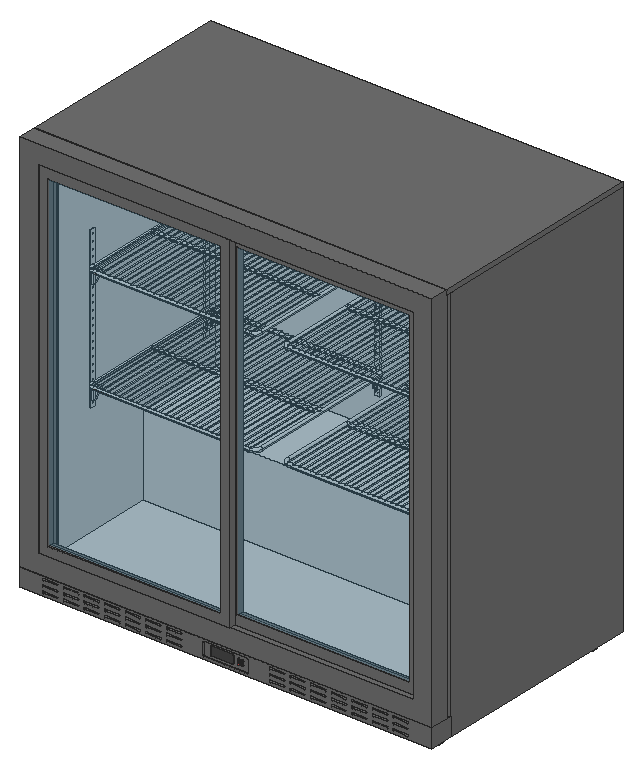
Revit family "QF_KOLDBOX_KBC2SL_240315014300", category Specialty Equipment, Revit 2021
Family settings
  Round Connector Dimension = Use Diameter
  Part Type = Normal
  OmniClass Number = 23.40.40.14
  OmniClass Title = Food Service Equipment
  Work Plane-Based = No
  Always vertical = Yes
  Cut with Voids When Loaded = No
  Shared = No
  Room Calculation Point = No
Parameters (values of type "KBC2SL")
  Weight [instance] = 72.9998 kg
  Warranty Start Date [instance] = ""
  Warranty Duration [instance] = ""
  Volts [instance] = 230 V
  Volt Free Conn [instance] = no
  URL Recommended Spares List [instance] = ""
  URL Manufacturer [instance] = ""
  URL Cutsheet [instance] = ""
  URL Critical Spares List [instance] = ""
  URL = "www.koldbox.com"
  Treated Water Size = 0 mm
  Treated Water Recommended Temperature = 0 °C
  Treated Water RI Height [instance] = 0 mm
  Treated Water Minimum Pressure = 0.0 Pa
  Treated Water Maximum Pressure = 0.0 Pa
  Treated Water Flow = 0.0 L/s
  Treated Water Consumption = ""
  Treated Water Connection Height [instance] = 0 mm
  Technical Documentation [instance] = ""
  Tag Number [instance] = ""
  Status [instance] = ""
  Start Up Current [instance] = 0 A
  Specification by User [instance] = ""
  Specification by Manufacturer [instance] = ""
  Sound Level [instance] = ""
  Show Logo [instance] = yes
  Show Clearances [instance] = yes
  Service Life Duration [instance] = ""
  Serial Number [instance] = ""
  Sensitive Heat Output = 0 W
  Seismic Rating [instance] = ""
  SMACNA No [instance] = ""
  Revision Code [instance] = ""
  Revision [instance] = ""
  Refrigeration Suction Line Size = 0 mm
  Refrigeration Liquid Line Size = 0 mm
  Production Year [instance] = ""
  Potential Equalisation [instance] = no
  Point Load [instance] = 0
  Plumbing Remarks [instance] = ""
  Phase [instance] = 1
  Other Equipment Approvals [instance] = ""
  Operational Current [instance] = 0 A
  Odor Trap Included = no
  Number of Poles [instance] = 2
  No Load Power Draw [instance] = no
  National Water Regulation Certification = no
  NAFEM Spec ID Number [instance] = ""
  Model Warning [instance] = ""
  Model = "KBC2SL"
  Min Ckt Ampacity [instance] = 0 A
  Mechanical Remarks [instance] = ""
  Mechanical Connection Type [instance] = ""
  Max Overcurrent Protection [instance] = 10 A
  Masterspec [instance] = ""
  Manufacturer = "KOLDBOX"
  Main switch integrated [instance] = no
  Length Actual [instance] = 899.922 mm
  Latent Heat Output = 0 W
  Item Number [instance] = ""
  Installed By [instance] = ""
  Installation Date [instance] = ""
  Identify Quantity as Lot [instance] = no
  ID [instance] = ""
  Hygiene Approval [instance] = ""
  Hot Water Consumption = 0.0 L/s
  Height Actual [instance] = 899.998 mm
  HP power [instance] = ""
  Gas power kW = 0
  Furnished By [instance] = ""
  Foodservice Equipment Identifier [instance] = no
  Filtered Water Supply Size = 0 mm
  Filtered Water RI Height [instance] = 0 mm
  Filtered Water Quality = ""
  Filtered Water Minimum Pressure = 0.0 Pa
  Filtered Water Maximum Pressure = 0.0 Pa
  Filtered Water Flow = 0.0 L/s
  Filtered Water Connection Height [instance] = 0 mm
  FL Amps [instance] = 4.39 A
  Energy Efficiency Labelling = ""
  Electrical Remarks [instance] = ""
  Electric power [instance] = 1011 W
  Electric Connection Type [instance] = ""
  Elec Conn RI Height [instance] = 0 mm
  Elec Conn Connection Height [instance] = 0 mm
  ETL Approved [instance] = no
  Direct Heat Output = 0 W
  Description = "KOLDBOX SLIDING DOUBLE DOOR BACK BAR COOLER"
  Depth Actual [instance] = 519.989 mm
  Default Elevation = 0 mm
  Cycle [instance] = 50 Hz
  Cost = 696
  Connection to energy optimisation system [instance] = yes
  Conn Plug [instance] = ""
  Conn Conduit [instance] = no
  Cold Water Consumption = 0.0 L/s
  Centralized building control system with digital interface [instance] = ""
  CSI MasterFormat [instance] = ""
  CE Approved [instance] = no
  Barcode [instance] = 0
  Author [instance] = ""
  Asset Identifier [instance] = ""
  Apparent Power [instance] = 1011 VA
  Accessory [instance] = no
Reference planes
  plane 1 "Center (Front/Back)": y = 0
  plane 2: z = 0
  plane 3 "Center (Left/Right)": x = 0
Forms (mm)
  Extrusion 1, solid, not visible
    sketch origin (100.005, -2, 100.005) x (1, 0, 0) y (0, 1, 0)
      loop
        line (-2, 2) -> (-2, -2) -> (2, -2) -> (2, 2) -> (-2, 2)
    from -2 to 2
Dimensions and locks
  locked: Extrusion 1 to nested 2
  locked: nested 2 to Extrusion 1 at 2
  aligned and locked: level to plane 2
Nested families
  nested 1: "QF_KOLDBOX_KBC2SL_2861" at (0, 0, 0), type "KBC2SL"
    with Weight 2348.70 kg, Warranty Start Date "", Warranty Duration "", URL Cutsheet "", Technical Documentation "", Tag Number "", Status "", Specification by User "", Specification by Manufacturer "", Sound Level "", Solid Fuel Type "", Show Logo yes, Show Clearances yes, Service Life Duration "", Serial Number "", Seismic Rating "", SMACNA No "", Revision Code "", Revision "", Production Year "", Point Load 0, Other Equipment Approvals "", NAFEM Spec ID Number "", Model Warning "", Masterspec "", Length Actual 899.922 mm, Item Number "", Installed By "", Installation Date "", Identify Quantity as Lot yes, ID "", Hygiene Approval "", Height Actual 899.998 mm, Furnished By "", Foodservice Equipment Identifier yes, ETL Approved yes, Depth Actual 519.989 mm, CSI MasterFormat "", CE Approved yes, Barcode "", Author "", Asset Identifier "", Accessory no
  nested 2: "CONN_POINT_ELE_2D___Generic_Annotation" at (100.005, 0, 100.005), type "CONN_POINT_ELE_2D___Generic_Annotation"
    with Onboard connection annotation symbol visibility yes
Connectors
  electrical at (100.005, 0, 100.005), driven by "Apparent Power", driven by "Number of Poles", driven by "Volts"
    settings: on Extrusion 1, index 1, voltage 230 V, apparent load 0 VA, apparent load phase1 1011 VA, apparent load phase2 0 VA, apparent load phase3 0 VA, power factor 1, load classification "Other", number of poles 2, system type 31, power factor state 1, is connector primary yes, connector utility no, sub classification motor no, connector description "Electrical connection for KBC2SL"
Definition of nested family "QF_KOLDBOX_KBC2SL_2861"
  Parameters (values of type "KBC2SL")
    Weight [instance] = 0.00 kg
    Warranty Start Date [instance] = ""
    Warranty Duration [instance] = ""
    URL Cutsheet [instance] = ""
    URL = "www.koldbox.com"
    Technical Documentation [instance] = ""
    Tag Number [instance] = ""
    Status [instance] = ""
    Specification by User [instance] = ""
    Specification by Manufacturer [instance] = ""
    Sound Level [instance] = ""
    Solid Fuel Type [instance] = ""
    Show Logo [instance] = yes
    Show Clearances [instance] = yes
    Service Life Duration [instance] = ""
    Serial Number [instance] = ""
    Seismic Rating [instance] = ""
    SMACNA No [instance] = ""
    Revision Code [instance] = ""
    Revision [instance] = ""
    Production Year [instance] = ""
    Point Load [instance] = 0
    Other Equipment Approvals [instance] = ""
    NAFEM Spec ID Number [instance] = ""
    Model Warning [instance] = ""
    Model = "KBC2SL"
    Masterspec [instance] = ""
    Manufacturer = "KOLDBOX"
    Length Actual [instance] = 0 mm
    Item Number [instance] = ""
    Installed By [instance] = ""
    Installation Date [instance] = ""
    Identify Quantity as Lot [instance] = yes
    ID [instance] = ""
    Hygiene Approval [instance] = ""
    Height Actual [instance] = 0 mm
    Furnished By [instance] = ""
    Foodservice Equipment Identifier [instance] = yes
    ETL Approved [instance] = yes
    Description = "KOLDBOX SLIDING DOUBLE DOOR BACK BAR COOLER"
    Depth Actual [instance] = 0 mm
    Default Elevation = 0 mm
    CSI MasterFormat [instance] = ""
    CE Approved [instance] = yes
    Barcode [instance] = ""
    Author [instance] = ""
    Asset Identifier [instance] = ""
    Assembly Code = "E1090320"
    Accessory [instance] = yes
  Reference planes
    plane 1 "Back": y = 0
    plane 2: z = 0
    plane 3 "Left": x = 0
    plane 4 "Right": x = 900
    plane 5 "Front": y = -520
    plane 6 "Top": z = 900
  Forms (mm)
    Extrusion 1, solid
      sketch origin (0, 60, 10) x (1, 0, 0) y (0, 0, 1)
        loop
          line (0, 880) -> (0, 10) -> (900, 10) -> (900, 880) -> (0, 880)
        loop
          line (40, 850) -> (40, 67.5) -> (860, 67.5) -> (860, 850) -> (40, 850)
      from 60 to 530
    Extrusion 2, solid
      sketch origin (0, 0, 70) x (0, 1, 0) y (0, 0, 1)
        loop
          line (0, 830) -> (-480, 830) -> (-480, 820) -> (0, 820) -> (0, 830)
      from 0 to 900
    Revolve 3, solid
      sketch origin (0, -50, 0) x (1, 0, 0) y (0, 0, -1)
        loop
          line (50, -20) -> (50, -15) -> (60, -15) -> (60, 0) -> (40, 0) -> (40, -20) -> (50, -20)
        axis (40, 0) -> (40, -20)
      angle from 0 to 360
    Revolve 4, solid
      sketch origin (0, -470, 0) x (1, 0, 0) y (0, 0, 1)
        loop
          line (50, 20) -> (40, 20) -> (40, 0) -> (60, 0) -> (60, 15) -> (50, 15) -> (50, 20)
        axis (40, 0) -> (40, 20)
      angle from 0 to 360
    Extrusion 5, solid
      sketch origin (0, 0, 0) x (1, 0, 0) y (0, 0, 1)
        loop
          line (40, 860) -> (40, 60) -> (860, 60) -> (860, 860) -> (40, 860)
      from 0 to 40
    Extrusion 6, solid
      sketch origin (40, 0, 0) x (0, 1, 0) y (0, 0, 1)
        loop
          line (-470, 860) -> (-470, 855) -> (-45, 855) -> (-45, 260) -> (-240, 260) -> (-240, 82.5) -> (-470, 82.5) -> (-470, 77.5) -> (-40, 77.5) -> (-40, 860) -> (-470, 860)
      from 0 to 820
    Extrusion 7, solid
      sketch origin (855, 0, 0) x (0, 1, 0) y (0, 0, 1)
        loop
          line (-470, 855) -> (-470, 82.5) -> (-240, 82.5) -> (-240, 260) -> (-45, 260) -> (-45, 855) -> (-470, 855)
      from 0 to 5
    Extrusion 8, solid
      sketch origin (40, 0, 0) x (0, 1, 0) y (0, 0, 1)
        loop
          line (-470, 855) -> (-470, 82.5) -> (-240, 82.5) -> (-240, 260) -> (-45, 260) -> (-45, 855) -> (-470, 855)
      from 0 to 5
    Extrusion 9, solid
      sketch origin (445, -490, 0) x (-1, 0, 0) y (0, 0, -1)
        loop
          line (-455, -900) -> (445, -900) -> (445, -60) -> (-455, -60) -> (-455, -900)
        loop
          line (405, -100) -> (-415, -100) -> (-415, -860) -> (405, -860) -> (405, -100)
      from -10 to 30
    Extrusion 10, solid
      sketch origin (445, -505, 0) x (-1, 0, 0) y (0, 0, -1)
        loop
          line (-13, -860) -> (405, -860) -> (405, -100) -> (-13, -100) -> (-13, -860)
        loop
          line (7, -840) -> (385, -840) -> (385, -120) -> (7, -120) -> (7, -840)
      from 0 to 15
    Extrusion 11, solid
      sketch origin (445, -512, 0) x (-1, 0, 0) y (0, 0, -1)
        loop
          line (7, -840) -> (385, -840) -> (385, -120) -> (7, -120) -> (7, -840)
      from 0 to 5
    Extrusion 12, solid
      sketch origin (405, -480, 0) x (-1, 0, 0) y (0, 0, -1)
        loop
          line (-480, -75) -> (-480, -885) -> (390, -885) -> (390, -75) -> (-480, -75)
        loop
          line (-470, -85) -> (-470, -875) -> (380, -875) -> (380, -85) -> (-470, -85)
      from -10 to 0
    Extrusion 13, solid
      sketch origin (847, -490, 0) x (-1, 0, 0) y (0, 0, -1)
        loop
          line (-13, -860) -> (405, -860) -> (405, -100) -> (-13, -100) -> (-13, -860)
        loop
          line (7, -840) -> (385, -840) -> (385, -120) -> (7, -120) -> (7, -840)
      from 0 to 15
    Extrusion 14, solid
      sketch origin (847, -497, 0) x (-1, 0, 0) y (0, 0, -1)
        loop
          line (7, -840) -> (385, -840) -> (385, -120) -> (7, -120) -> (7, -840)
      from 0 to 5
    Revolve 15, solid
      sketch origin (900, -50, 0) x (-1, 0, 0) y (0, 0, 1)
        loop
          line (50, 20) -> (40, 20) -> (40, 0) -> (60, 0) -> (60, 15) -> (50, 15) -> (50, 20)
        axis (40, 0) -> (40, 20)
      angle from 0 to 360
    Revolve 16, solid
      sketch origin (900, -470, 0) x (-1, 0, 0) y (0, 0, -1)
        loop
          line (50, -20) -> (50, -15) -> (60, -15) -> (60, 0) -> (40, 0) -> (40, -20) -> (50, -20)
        axis (40, 0) -> (40, -20)
      angle from 0 to 360
    Sweep 17, solid
      path origin (49.141, -109.803, 607.382) x (1, 0, 0) y (0, 1, 0)
        loop
          arc (17.859, 55.803) -> (9.373, 52.288) -> (5.859, 43.803) r 12
          line (5.859, 43.803) -> (5.859, -278.83)
          arc (5.859, -278.83) -> (9.373, -287.316) -> (17.859, -290.83) r 12
          line (17.859, -290.83) -> (358.859, -290.83)
          arc (358.859, -290.83) -> (367.344, -287.316) -> (370.859, -278.83) r 12
          line (370.859, -278.83) -> (370.859, 43.803)
          arc (370.859, 43.803) -> (367.344, 52.288) -> (358.859, 55.803) r 12
          line (358.859, 55.803) -> (17.859, 55.803)
      profile origin (237.5, -54, 607.382) x (0, 1, 0) y (0, 0, 1)
        loop
          circle (0, 0) r 3.5
    Extrusion 18, solid
      sketch origin (47, -109.803, 607.382) x (1, 0, 0) y (0, 0, 1)
        loop
          circle (13.5, 4.5) r 1
        loop
          circle (26, 4.5) r 1
        loop
          circle (38.5, 4.5) r 1
        loop
          circle (51, 4.5) r 1
        loop
          circle (63.5, 4.5) r 1
        loop
          circle (76, 4.5) r 1
        loop
          circle (88.5, 4.5) r 1
        loop
          circle (101, 4.5) r 1
        loop
          circle (113.5, 4.5) r 1
        loop
          circle (126, 4.5) r 1
        loop
          circle (138.5, 4.5) r 1
        loop
          circle (151, 4.5) r 1
        loop
          circle (163.5, 4.5) r 1
        loop
          circle (176, 4.5) r 1
        loop
          circle (188.5, 4.5) r 1
        loop
          circle (201, 4.5) r 1
        loop
          circle (213.5, 4.5) r 1
        loop
          circle (226, 4.5) r 1
        loop
          circle (238.5, 4.5) r 1
        loop
          circle (251, 4.5) r 1
        loop
          circle (263.5, 4.5) r 1
        loop
          circle (276, 4.5) r 1
        loop
          circle (288.5, 4.5) r 1
        loop
          circle (301, 4.5) r 1
        loop
          circle (313.5, 4.5) r 1
        loop
          circle (326, 4.5) r 1
        loop
          circle (338.5, 4.5) r 1
        loop
          circle (351, 4.5) r 1
        loop
          circle (363.5, 4.5) r 1
      from -55.803 to 290.83
    Extrusion 19, solid
      sketch origin (55, -15.816, 607.382) x (0, 1, 0) y (0, 0, 1)
        loop
          circle (-211.5, 0) r 3.5
      from 0 to 365
    Extrusion 20, solid
      sketch origin (1663.773, -1334.75, -239.071) x (1, 0, 0) y (0, 0, 1)
        loop
          line (-1608.773, 812.071) -> (-1593.825, 844.071) -> (-1608.773, 844.071) -> (-1608.773, 812.071)
      from -1264.75 to -1262.75
    Sweep 21, solid
      path origin (49.141, -109.803, 379.382) x (1, 0, 0) y (0, 1, 0)
        loop
          arc (17.859, 55.803) -> (9.373, 52.288) -> (5.859, 43.803) r 12
          line (5.859, 43.803) -> (5.859, -278.83)
          arc (5.859, -278.83) -> (9.373, -287.316) -> (17.859, -290.83) r 12
          line (17.859, -290.83) -> (358.859, -290.83)
          arc (358.859, -290.83) -> (367.344, -287.316) -> (370.859, -278.83) r 12
          line (370.859, -278.83) -> (370.859, 43.803)
          arc (370.859, 43.803) -> (367.344, 52.288) -> (358.859, 55.803) r 12
          line (358.859, 55.803) -> (17.859, 55.803)
      profile origin (237.5, -54, 379.382) x (0, 1, 0) y (0, 0, 1)
        loop
          circle (0, 0) r 3.5
    Extrusion 22, solid
      sketch origin (55, -15.816, 379.382) x (0, 1, 0) y (0, 0, 1)
        loop
          circle (-211.5, 0) r 3.5
      from 0 to 365
    Extrusion 23, solid
      sketch origin (47, -109.803, 379.382) x (1, 0, 0) y (0, 0, 1)
        loop
          circle (13.5, 4.5) r 1
        loop
          circle (26, 4.5) r 1
        loop
          circle (38.5, 4.5) r 1
        loop
          circle (51, 4.5) r 1
        loop
          circle (63.5, 4.5) r 1
        loop
          circle (76, 4.5) r 1
        loop
          circle (88.5, 4.5) r 1
        loop
          circle (101, 4.5) r 1
        loop
          circle (113.5, 4.5) r 1
        loop
          circle (126, 4.5) r 1
        loop
          circle (138.5, 4.5) r 1
        loop
          circle (151, 4.5) r 1
        loop
          circle (163.5, 4.5) r 1
        loop
          circle (176, 4.5) r 1
        loop
          circle (188.5, 4.5) r 1
        loop
          circle (201, 4.5) r 1
        loop
          circle (213.5, 4.5) r 1
        loop
          circle (226, 4.5) r 1
        loop
          circle (238.5, 4.5) r 1
        loop
          circle (251, 4.5) r 1
        loop
          circle (263.5, 4.5) r 1
        loop
          circle (276, 4.5) r 1
        loop
          circle (288.5, 4.5) r 1
        loop
          circle (301, 4.5) r 1
        loop
          circle (313.5, 4.5) r 1
        loop
          circle (326, 4.5) r 1
        loop
          circle (338.5, 4.5) r 1
        loop
          circle (351, 4.5) r 1
        loop
          circle (363.5, 4.5) r 1
      from -55.803 to 290.83
    Extrusion 24, solid
      sketch origin (45, 4, -0.606) x (0, 1, 0) y (0, 0, 1)
        loop
          line (-70, 678) -> (-80, 678) -> (-80, 330) -> (-70, 330) -> (-70, 678)
        loop
          line (-77, 336.989) -> (-73, 336.989) -> (-73, 340.989) -> (-77, 340.989) -> (-77, 336.989)
        loop
          line (-77, 351.989) -> (-73, 351.989) -> (-73, 355.989) -> (-77, 355.989) -> (-77, 351.989)
        loop
          line (-77, 366.989) -> (-73, 366.989) -> (-73, 370.989) -> (-77, 370.989) -> (-77, 366.989)
        loop
          line (-77, 381.989) -> (-73, 381.989) -> (-73, 385.989) -> (-77, 385.989) -> (-77, 381.989)
        loop
          line (-77, 396.989) -> (-73, 396.989) -> (-73, 400.989) -> (-77, 400.989) -> (-77, 396.989)
        loop
          line (-77, 411.989) -> (-73, 411.989) -> (-73, 415.989) -> (-77, 415.989) -> (-77, 411.989)
        loop
          line (-77, 426.989) -> (-73, 426.989) -> (-73, 430.989) -> (-77, 430.989) -> (-77, 426.989)
        loop
          line (-77, 441.989) -> (-73, 441.989) -> (-73, 445.989) -> (-77, 445.989) -> (-77, 441.989)
        loop
          line (-77, 456.989) -> (-73, 456.989) -> (-73, 460.989) -> (-77, 460.989) -> (-77, 456.989)
        loop
          line (-77, 471.989) -> (-73, 471.989) -> (-73, 475.989) -> (-77, 475.989) -> (-77, 471.989)
        loop
          line (-77, 486.989) -> (-73, 486.989) -> (-73, 490.989) -> (-77, 490.989) -> (-77, 486.989)
        loop
          line (-77, 501.989) -> (-73, 501.989) -> (-73, 505.989) -> (-77, 505.989) -> (-77, 501.989)
        loop
          line (-77, 516.989) -> (-73, 516.989) -> (-73, 520.989) -> (-77, 520.989) -> (-77, 516.989)
        loop
          line (-77, 531.989) -> (-73, 531.989) -> (-73, 535.989) -> (-77, 535.989) -> (-77, 531.989)
        loop
          line (-77, 546.989) -> (-73, 546.989) -> (-73, 550.989) -> (-77, 550.989) -> (-77, 546.989)
        loop
          line (-77, 561.989) -> (-73, 561.989) -> (-73, 565.989) -> (-77, 565.989) -> (-77, 561.989)
        loop
          line (-77, 576.989) -> (-73, 576.989) -> (-73, 580.989) -> (-77, 580.989) -> (-77, 576.989)
        loop
          line (-77, 591.989) -> (-73, 591.989) -> (-73, 595.989) -> (-77, 595.989) -> (-77, 591.989)
        loop
          line (-77, 606.989) -> (-73, 606.989) -> (-73, 610.989) -> (-77, 610.989) -> (-77, 606.989)
        loop
          line (-77, 621.989) -> (-73, 621.989) -> (-73, 625.989) -> (-77, 625.989) -> (-77, 621.989)
        loop
          line (-77, 636.989) -> (-73, 636.989) -> (-73, 640.989) -> (-77, 640.989) -> (-77, 636.989)
        loop
          line (-77, 651.989) -> (-73, 651.989) -> (-73, 655.989) -> (-77, 655.989) -> (-77, 651.989)
        loop
          line (-77, 666.989) -> (-73, 666.989) -> (-73, 670.989) -> (-77, 670.989) -> (-77, 666.989)
      from 0 to 5
    Extrusion 25, solid
      sketch origin (45, -458.633, -0.606) x (0, -1, 0) y (0, 0, -1)
        loop
          line (-70, -678) -> (-70, -330) -> (-80, -330) -> (-80, -678) -> (-70, -678)
        loop
          line (-77, -336.989) -> (-77, -340.989) -> (-73, -340.989) -> (-73, -336.989) -> (-77, -336.989)
        loop
          line (-77, -351.989) -> (-77, -355.989) -> (-73, -355.989) -> (-73, -351.989) -> (-77, -351.989)
        loop
          line (-77, -366.989) -> (-77, -370.989) -> (-73, -370.989) -> (-73, -366.989) -> (-77, -366.989)
        loop
          line (-77, -381.989) -> (-77, -385.989) -> (-73, -385.989) -> (-73, -381.989) -> (-77, -381.989)
        loop
          line (-77, -396.989) -> (-77, -400.989) -> (-73, -400.989) -> (-73, -396.989) -> (-77, -396.989)
        loop
          line (-77, -411.989) -> (-77, -415.989) -> (-73, -415.989) -> (-73, -411.989) -> (-77, -411.989)
        loop
          line (-77, -426.989) -> (-77, -430.989) -> (-73, -430.989) -> (-73, -426.989) -> (-77, -426.989)
        loop
          line (-77, -441.989) -> (-77, -445.989) -> (-73, -445.989) -> (-73, -441.989) -> (-77, -441.989)
        loop
          line (-77, -456.989) -> (-77, -460.989) -> (-73, -460.989) -> (-73, -456.989) -> (-77, -456.989)
        loop
          line (-77, -471.989) -> (-77, -475.989) -> (-73, -475.989) -> (-73, -471.989) -> (-77, -471.989)
        loop
          line (-77, -486.989) -> (-77, -490.989) -> (-73, -490.989) -> (-73, -486.989) -> (-77, -486.989)
        loop
          line (-77, -501.989) -> (-77, -505.989) -> (-73, -505.989) -> (-73, -501.989) -> (-77, -501.989)
        loop
          line (-77, -516.989) -> (-77, -520.989) -> (-73, -520.989) -> (-73, -516.989) -> (-77, -516.989)
        loop
          line (-77, -531.989) -> (-77, -535.989) -> (-73, -535.989) -> (-73, -531.989) -> (-77, -531.989)
        loop
          line (-77, -546.989) -> (-77, -550.989) -> (-73, -550.989) -> (-73, -546.989) -> (-77, -546.989)
        loop
          line (-77, -561.989) -> (-77, -565.989) -> (-73, -565.989) -> (-73, -561.989) -> (-77, -561.989)
        loop
          line (-77, -576.989) -> (-77, -580.989) -> (-73, -580.989) -> (-73, -576.989) -> (-77, -576.989)
        loop
          line (-77, -591.989) -> (-77, -595.989) -> (-73, -595.989) -> (-73, -591.989) -> (-77, -591.989)
        loop
          line (-77, -606.989) -> (-77, -610.989) -> (-73, -610.989) -> (-73, -606.989) -> (-77, -606.989)
        loop
          line (-77, -621.989) -> (-77, -625.989) -> (-73, -625.989) -> (-73, -621.989) -> (-77, -621.989)
        loop
          line (-77, -636.989) -> (-77, -640.989) -> (-73, -640.989) -> (-73, -636.989) -> (-77, -636.989)
        loop
          line (-77, -651.989) -> (-77, -655.989) -> (-73, -655.989) -> (-73, -651.989) -> (-77, -651.989)
        loop
          line (-77, -666.989) -> (-77, -670.989) -> (-73, -670.989) -> (-73, -666.989) -> (-77, -666.989)
      from 0 to 5
    Extrusion 26, solid
      sketch origin (50, -458.633, -0.606) x (0, -1, 0) y (0, 0, -1)
        loop
          line (-382.633, -605.606) -> (-382.633, -573.606) -> (-392.633, -573.606) -> (-392.633, -605.606) -> (-382.633, -605.606)
      from 0 to 5
    Extrusion 27, solid
      sketch origin (1663.773, -1334.75, -467.071) x (1, 0, 0) y (0, 0, 1)
        loop
          line (-1608.773, 812.071) -> (-1593.825, 844.071) -> (-1608.773, 844.071) -> (-1608.773, 812.071)
      from -1264.75 to -1262.75
    Extrusion 28, solid
      sketch origin (50, -458.633, -228.606) x (0, -1, 0) y (0, 0, -1)
        loop
          line (-382.633, -605.606) -> (-382.633, -573.606) -> (-392.633, -573.606) -> (-392.633, -605.606) -> (-382.633, -605.606)
      from 0 to 5
    Extrusion 29, solid
      sketch origin (1663.773, 880.117, -239.071) x (1, 0, 0) y (0, 0, -1)
        loop
          line (-1608.773, -812.071) -> (-1608.773, -844.071) -> (-1593.825, -844.071) -> (-1608.773, -812.071)
      from -1264.75 to -1262.75
    Extrusion 30, solid
      sketch origin (50, 4, -0.606) x (0, 1, 0) y (0, 0, 1)
        loop
          line (-382.633, 605.606) -> (-392.633, 605.606) -> (-392.633, 573.606) -> (-382.633, 573.606) -> (-382.633, 605.606)
      from 0 to 5
    Extrusion 31, solid
      sketch origin (1663.773, 880.117, -467.071) x (1, 0, 0) y (0, 0, -1)
        loop
          line (-1608.773, -812.071) -> (-1608.773, -844.071) -> (-1593.825, -844.071) -> (-1608.773, -812.071)
      from -1264.75 to -1262.75
    Extrusion 32, solid
      sketch origin (50, 4, -228.606) x (0, 1, 0) y (0, 0, 1)
        loop
          line (-382.633, 605.606) -> (-392.633, 605.606) -> (-392.633, 573.606) -> (-382.633, 573.606) -> (-382.633, 605.606)
      from 0 to 5
    Extrusion 33, solid
      sketch origin (329, -45, -0.606) x (-1, 0, 0) y (0, 0, -1)
        loop
          line (-70, -678) -> (-70, -330) -> (-80, -330) -> (-80, -678) -> (-70, -678)
        loop
          line (-77, -336.989) -> (-77, -340.989) -> (-73, -340.989) -> (-73, -336.989) -> (-77, -336.989)
        loop
          line (-77, -351.989) -> (-77, -355.989) -> (-73, -355.989) -> (-73, -351.989) -> (-77, -351.989)
        loop
          line (-77, -366.989) -> (-77, -370.989) -> (-73, -370.989) -> (-73, -366.989) -> (-77, -366.989)
        loop
          line (-77, -381.989) -> (-77, -385.989) -> (-73, -385.989) -> (-73, -381.989) -> (-77, -381.989)
        loop
          line (-77, -396.989) -> (-77, -400.989) -> (-73, -400.989) -> (-73, -396.989) -> (-77, -396.989)
        loop
          line (-77, -411.989) -> (-77, -415.989) -> (-73, -415.989) -> (-73, -411.989) -> (-77, -411.989)
        loop
          line (-77, -426.989) -> (-77, -430.989) -> (-73, -430.989) -> (-73, -426.989) -> (-77, -426.989)
        loop
          line (-77, -441.989) -> (-77, -445.989) -> (-73, -445.989) -> (-73, -441.989) -> (-77, -441.989)
        loop
          line (-77, -456.989) -> (-77, -460.989) -> (-73, -460.989) -> (-73, -456.989) -> (-77, -456.989)
        loop
          line (-77, -471.989) -> (-77, -475.989) -> (-73, -475.989) -> (-73, -471.989) -> (-77, -471.989)
        loop
          line (-77, -486.989) -> (-77, -490.989) -> (-73, -490.989) -> (-73, -486.989) -> (-77, -486.989)
        loop
          line (-77, -501.989) -> (-77, -505.989) -> (-73, -505.989) -> (-73, -501.989) -> (-77, -501.989)
        loop
          line (-77, -516.989) -> (-77, -520.989) -> (-73, -520.989) -> (-73, -516.989) -> (-77, -516.989)
        loop
          line (-77, -531.989) -> (-77, -535.989) -> (-73, -535.989) -> (-73, -531.989) -> (-77, -531.989)
        loop
          line (-77, -546.989) -> (-77, -550.989) -> (-73, -550.989) -> (-73, -546.989) -> (-77, -546.989)
        loop
          line (-77, -561.989) -> (-77, -565.989) -> (-73, -565.989) -> (-73, -561.989) -> (-77, -561.989)
        loop
          line (-77, -576.989) -> (-77, -580.989) -> (-73, -580.989) -> (-73, -576.989) -> (-77, -576.989)
        loop
          line (-77, -591.989) -> (-77, -595.989) -> (-73, -595.989) -> (-73, -591.989) -> (-77, -591.989)
        loop
          line (-77, -606.989) -> (-77, -610.989) -> (-73, -610.989) -> (-73, -606.989) -> (-77, -606.989)
        loop
          line (-77, -621.989) -> (-77, -625.989) -> (-73, -625.989) -> (-73, -621.989) -> (-77, -621.989)
        loop
          line (-77, -636.989) -> (-77, -640.989) -> (-73, -640.989) -> (-73, -636.989) -> (-77, -636.989)
        loop
          line (-77, -651.989) -> (-77, -655.989) -> (-73, -655.989) -> (-73, -651.989) -> (-77, -651.989)
        loop
          line (-77, -666.989) -> (-77, -670.989) -> (-73, -670.989) -> (-73, -666.989) -> (-77, -666.989)
      from 0 to 5
    Extrusion 34, solid
      sketch origin (-859.75, -1663.773, -239.071) x (0, -1, 0) y (0, 0, 1)
        loop
          line (-1608.773, 812.071) -> (-1593.825, 844.071) -> (-1608.773, 844.071) -> (-1608.773, 812.071)
      from -1264.75 to -1262.75
    Extrusion 35, solid
      sketch origin (16.367, -50, -0.606) x (-1, 0, 0) y (0, 0, -1)
        loop
          line (-382.633, -605.606) -> (-382.633, -573.606) -> (-392.633, -573.606) -> (-392.633, -605.606) -> (-382.633, -605.606)
      from 0 to 5
    Extrusion 36, solid
      sketch origin (-859.75, -1663.773, -467.071) x (0, -1, 0) y (0, 0, 1)
        loop
          line (-1608.773, 812.071) -> (-1593.825, 844.071) -> (-1608.773, 844.071) -> (-1608.773, 812.071)
      from -1264.75 to -1262.75
    Extrusion 37, solid
      sketch origin (16.367, -50, -228.606) x (-1, 0, 0) y (0, 0, -1)
        loop
          line (-382.633, -605.606) -> (-382.633, -573.606) -> (-392.633, -573.606) -> (-392.633, -605.606) -> (-382.633, -605.606)
      from 0 to 5
    Sweep 38, solid
      path origin (850.859, -109.803, 607.382) x (-1, 0, 0) y (0, -1, 0)
        loop
          line (17.859, -55.803) -> (358.859, -55.803)
          arc (358.859, -55.803) -> (367.344, -52.288) -> (370.859, -43.803) r 12
          line (370.859, -43.803) -> (370.859, 278.83)
          arc (370.859, 278.83) -> (367.344, 287.316) -> (358.859, 290.83) r 12
          line (358.859, 290.83) -> (17.859, 290.83)
          arc (17.859, 290.83) -> (9.373, 287.316) -> (5.859, 278.83) r 12
          line (5.859, 278.83) -> (5.859, -43.803)
          arc (5.859, -43.803) -> (9.373, -52.288) -> (17.859, -55.803) r 12
      profile origin (662.5, -54, 607.382) x (0, -1, 0) y (0, 0, 1)
        loop
          circle (0, 0) r 3.5
    Extrusion 39, solid
      sketch origin (853, -109.803, 607.382) x (-1, 0, 0) y (0, 0, -1)
        loop
          circle (13.5, -4.5) r 1
        loop
          circle (26, -4.5) r 1
        loop
          circle (38.5, -4.5) r 1
        loop
          circle (51, -4.5) r 1
        loop
          circle (63.5, -4.5) r 1
        loop
          circle (76, -4.5) r 1
        loop
          circle (88.5, -4.5) r 1
        loop
          circle (101, -4.5) r 1
        loop
          circle (113.5, -4.5) r 1
        loop
          circle (126, -4.5) r 1
        loop
          circle (138.5, -4.5) r 1
        loop
          circle (151, -4.5) r 1
        loop
          circle (163.5, -4.5) r 1
        loop
          circle (176, -4.5) r 1
        loop
          circle (188.5, -4.5) r 1
        loop
          circle (201, -4.5) r 1
        loop
          circle (213.5, -4.5) r 1
        loop
          circle (226, -4.5) r 1
        loop
          circle (238.5, -4.5) r 1
        loop
          circle (251, -4.5) r 1
        loop
          circle (263.5, -4.5) r 1
        loop
          circle (276, -4.5) r 1
        loop
          circle (288.5, -4.5) r 1
        loop
          circle (301, -4.5) r 1
        loop
          circle (313.5, -4.5) r 1
        loop
          circle (326, -4.5) r 1
        loop
          circle (338.5, -4.5) r 1
        loop
          circle (351, -4.5) r 1
        loop
          circle (363.5, -4.5) r 1
      from -55.803 to 290.83
    Extrusion 40, solid
      sketch origin (845, -15.816, 607.382) x (0, 1, 0) y (0, 0, -1)
        loop
          circle (-211.5, 0) r 3.5
      from 0 to 365
    Extrusion 41, solid
      sketch origin (-763.773, -1334.75, -239.071) x (-1, 0, 0) y (0, 0, -1)
        loop
          line (-1608.773, -812.071) -> (-1608.773, -844.071) -> (-1593.825, -844.071) -> (-1608.773, -812.071)
      from -1264.75 to -1262.75
    Sweep 42, solid
      path origin (850.859, -109.803, 379.382) x (-1, 0, 0) y (0, -1, 0)
        loop
          line (17.859, -55.803) -> (358.859, -55.803)
          arc (358.859, -55.803) -> (367.344, -52.288) -> (370.859, -43.803) r 12
          line (370.859, -43.803) -> (370.859, 278.83)
          arc (370.859, 278.83) -> (367.344, 287.316) -> (358.859, 290.83) r 12
          line (358.859, 290.83) -> (17.859, 290.83)
          arc (17.859, 290.83) -> (9.373, 287.316) -> (5.859, 278.83) r 12
          line (5.859, 278.83) -> (5.859, -43.803)
          arc (5.859, -43.803) -> (9.373, -52.288) -> (17.859, -55.803) r 12
      profile origin (662.5, -54, 379.382) x (0, -1, 0) y (0, 0, 1)
        loop
          circle (0, 0) r 3.5
    Extrusion 43, solid
      sketch origin (845, -15.816, 379.382) x (0, 1, 0) y (0, 0, -1)
        loop
          circle (-211.5, 0) r 3.5
      from 0 to 365
    Extrusion 44, solid
      sketch origin (853, -109.803, 379.382) x (-1, 0, 0) y (0, 0, -1)
        loop
          circle (13.5, -4.5) r 1
        loop
          circle (26, -4.5) r 1
        loop
          circle (38.5, -4.5) r 1
        loop
          circle (51, -4.5) r 1
        loop
          circle (63.5, -4.5) r 1
        loop
          circle (76, -4.5) r 1
        loop
          circle (88.5, -4.5) r 1
        loop
          circle (101, -4.5) r 1
        loop
          circle (113.5, -4.5) r 1
        loop
          circle (126, -4.5) r 1
        loop
          circle (138.5, -4.5) r 1
        loop
          circle (151, -4.5) r 1
        loop
          circle (163.5, -4.5) r 1
        loop
          circle (176, -4.5) r 1
        loop
          circle (188.5, -4.5) r 1
        loop
          circle (201, -4.5) r 1
        loop
          circle (213.5, -4.5) r 1
        loop
          circle (226, -4.5) r 1
        loop
          circle (238.5, -4.5) r 1
        loop
          circle (251, -4.5) r 1
        loop
          circle (263.5, -4.5) r 1
        loop
          circle (276, -4.5) r 1
        loop
          circle (288.5, -4.5) r 1
        loop
          circle (301, -4.5) r 1
        loop
          circle (313.5, -4.5) r 1
        loop
          circle (326, -4.5) r 1
        loop
          circle (338.5, -4.5) r 1
        loop
          circle (351, -4.5) r 1
        loop
          circle (363.5, -4.5) r 1
      from -55.803 to 290.83
    Extrusion 45, solid
      sketch origin (855, 4, -0.606) x (0, 1, 0) y (0, 0, -1)
        loop
          line (-70, -678) -> (-70, -330) -> (-80, -330) -> (-80, -678) -> (-70, -678)
        loop
          line (-77, -336.989) -> (-77, -340.989) -> (-73, -340.989) -> (-73, -336.989) -> (-77, -336.989)
        loop
          line (-77, -351.989) -> (-77, -355.989) -> (-73, -355.989) -> (-73, -351.989) -> (-77, -351.989)
        loop
          line (-77, -366.989) -> (-77, -370.989) -> (-73, -370.989) -> (-73, -366.989) -> (-77, -366.989)
        loop
          line (-77, -381.989) -> (-77, -385.989) -> (-73, -385.989) -> (-73, -381.989) -> (-77, -381.989)
        loop
          line (-77, -396.989) -> (-77, -400.989) -> (-73, -400.989) -> (-73, -396.989) -> (-77, -396.989)
        loop
          line (-77, -411.989) -> (-77, -415.989) -> (-73, -415.989) -> (-73, -411.989) -> (-77, -411.989)
        loop
          line (-77, -426.989) -> (-77, -430.989) -> (-73, -430.989) -> (-73, -426.989) -> (-77, -426.989)
        loop
          line (-77, -441.989) -> (-77, -445.989) -> (-73, -445.989) -> (-73, -441.989) -> (-77, -441.989)
        loop
          line (-77, -456.989) -> (-77, -460.989) -> (-73, -460.989) -> (-73, -456.989) -> (-77, -456.989)
        loop
          line (-77, -471.989) -> (-77, -475.989) -> (-73, -475.989) -> (-73, -471.989) -> (-77, -471.989)
        loop
          line (-77, -486.989) -> (-77, -490.989) -> (-73, -490.989) -> (-73, -486.989) -> (-77, -486.989)
        loop
          line (-77, -501.989) -> (-77, -505.989) -> (-73, -505.989) -> (-73, -501.989) -> (-77, -501.989)
        loop
          line (-77, -516.989) -> (-77, -520.989) -> (-73, -520.989) -> (-73, -516.989) -> (-77, -516.989)
        loop
          line (-77, -531.989) -> (-77, -535.989) -> (-73, -535.989) -> (-73, -531.989) -> (-77, -531.989)
        loop
          line (-77, -546.989) -> (-77, -550.989) -> (-73, -550.989) -> (-73, -546.989) -> (-77, -546.989)
        loop
          line (-77, -561.989) -> (-77, -565.989) -> (-73, -565.989) -> (-73, -561.989) -> (-77, -561.989)
        loop
          line (-77, -576.989) -> (-77, -580.989) -> (-73, -580.989) -> (-73, -576.989) -> (-77, -576.989)
        loop
          line (-77, -591.989) -> (-77, -595.989) -> (-73, -595.989) -> (-73, -591.989) -> (-77, -591.989)
        loop
          line (-77, -606.989) -> (-77, -610.989) -> (-73, -610.989) -> (-73, -606.989) -> (-77, -606.989)
        loop
          line (-77, -621.989) -> (-77, -625.989) -> (-73, -625.989) -> (-73, -621.989) -> (-77, -621.989)
        loop
          line (-77, -636.989) -> (-77, -640.989) -> (-73, -640.989) -> (-73, -636.989) -> (-77, -636.989)
        loop
          line (-77, -651.989) -> (-77, -655.989) -> (-73, -655.989) -> (-73, -651.989) -> (-77, -651.989)
        loop
          line (-77, -666.989) -> (-77, -670.989) -> (-73, -670.989) -> (-73, -666.989) -> (-77, -666.989)
      from 0 to 5
    Extrusion 46, solid
      sketch origin (855, -458.633, -0.606) x (0, -1, 0) y (0, 0, 1)
        loop
          line (-70, 678) -> (-80, 678) -> (-80, 330) -> (-70, 330) -> (-70, 678)
        loop
          line (-77, 336.989) -> (-73, 336.989) -> (-73, 340.989) -> (-77, 340.989) -> (-77, 336.989)
        loop
          line (-77, 351.989) -> (-73, 351.989) -> (-73, 355.989) -> (-77, 355.989) -> (-77, 351.989)
        loop
          line (-77, 366.989) -> (-73, 366.989) -> (-73, 370.989) -> (-77, 370.989) -> (-77, 366.989)
        loop
          line (-77, 381.989) -> (-73, 381.989) -> (-73, 385.989) -> (-77, 385.989) -> (-77, 381.989)
        loop
          line (-77, 396.989) -> (-73, 396.989) -> (-73, 400.989) -> (-77, 400.989) -> (-77, 396.989)
        loop
          line (-77, 411.989) -> (-73, 411.989) -> (-73, 415.989) -> (-77, 415.989) -> (-77, 411.989)
        loop
          line (-77, 426.989) -> (-73, 426.989) -> (-73, 430.989) -> (-77, 430.989) -> (-77, 426.989)
        loop
          line (-77, 441.989) -> (-73, 441.989) -> (-73, 445.989) -> (-77, 445.989) -> (-77, 441.989)
        loop
          line (-77, 456.989) -> (-73, 456.989) -> (-73, 460.989) -> (-77, 460.989) -> (-77, 456.989)
        loop
          line (-77, 471.989) -> (-73, 471.989) -> (-73, 475.989) -> (-77, 475.989) -> (-77, 471.989)
        loop
          line (-77, 486.989) -> (-73, 486.989) -> (-73, 490.989) -> (-77, 490.989) -> (-77, 486.989)
        loop
          line (-77, 501.989) -> (-73, 501.989) -> (-73, 505.989) -> (-77, 505.989) -> (-77, 501.989)
        loop
          line (-77, 516.989) -> (-73, 516.989) -> (-73, 520.989) -> (-77, 520.989) -> (-77, 516.989)
        loop
          line (-77, 531.989) -> (-73, 531.989) -> (-73, 535.989) -> (-77, 535.989) -> (-77, 531.989)
        loop
          line (-77, 546.989) -> (-73, 546.989) -> (-73, 550.989) -> (-77, 550.989) -> (-77, 546.989)
        loop
          line (-77, 561.989) -> (-73, 561.989) -> (-73, 565.989) -> (-77, 565.989) -> (-77, 561.989)
        loop
          line (-77, 576.989) -> (-73, 576.989) -> (-73, 580.989) -> (-77, 580.989) -> (-77, 576.989)
        loop
          line (-77, 591.989) -> (-73, 591.989) -> (-73, 595.989) -> (-77, 595.989) -> (-77, 591.989)
        loop
          line (-77, 606.989) -> (-73, 606.989) -> (-73, 610.989) -> (-77, 610.989) -> (-77, 606.989)
        loop
          line (-77, 621.989) -> (-73, 621.989) -> (-73, 625.989) -> (-77, 625.989) -> (-77, 621.989)
        loop
          line (-77, 636.989) -> (-73, 636.989) -> (-73, 640.989) -> (-77, 640.989) -> (-77, 636.989)
        loop
          line (-77, 651.989) -> (-73, 651.989) -> (-73, 655.989) -> (-77, 655.989) -> (-77, 651.989)
        loop
          line (-77, 666.989) -> (-73, 666.989) -> (-73, 670.989) -> (-77, 670.989) -> (-77, 666.989)
      from 0 to 5
    Extrusion 47, solid
      sketch origin (850, -458.633, -0.606) x (0, -1, 0) y (0, 0, 1)
        loop
          line (-382.633, 605.606) -> (-392.633, 605.606) -> (-392.633, 573.606) -> (-382.633, 573.606) -> (-382.633, 605.606)
      from 0 to 5
    Extrusion 48, solid
      sketch origin (-763.773, -1334.75, -467.071) x (-1, 0, 0) y (0, 0, -1)
        loop
          line (-1608.773, -812.071) -> (-1608.773, -844.071) -> (-1593.825, -844.071) -> (-1608.773, -812.071)
      from -1264.75 to -1262.75
    Extrusion 49, solid
      sketch origin (850, -458.633, -228.606) x (0, -1, 0) y (0, 0, 1)
        loop
          line (-382.633, 605.606) -> (-392.633, 605.606) -> (-392.633, 573.606) -> (-382.633, 573.606) -> (-382.633, 605.606)
      from 0 to 5
    Extrusion 50, solid
      sketch origin (-763.773, 880.117, -239.071) x (-1, 0, 0) y (0, 0, 1)
        loop
          line (-1608.773, 812.071) -> (-1593.825, 844.071) -> (-1608.773, 844.071) -> (-1608.773, 812.071)
      from -1264.75 to -1262.75
    Extrusion 51, solid
      sketch origin (850, 4, -0.606) x (0, 1, 0) y (0, 0, -1)
        loop
          line (-382.633, -605.606) -> (-382.633, -573.606) -> (-392.633, -573.606) -> (-392.633, -605.606) -> (-382.633, -605.606)
      from 0 to 5
    Extrusion 52, solid
      sketch origin (-763.773, 880.117, -467.071) x (-1, 0, 0) y (0, 0, 1)
        loop
          line (-1608.773, 812.071) -> (-1593.825, 844.071) -> (-1608.773, 844.071) -> (-1608.773, 812.071)
      from -1264.75 to -1262.75
    Extrusion 53, solid
      sketch origin (850, 4, -228.606) x (0, 1, 0) y (0, 0, -1)
        loop
          line (-382.633, -605.606) -> (-382.633, -573.606) -> (-392.633, -573.606) -> (-392.633, -605.606) -> (-382.633, -605.606)
      from 0 to 5
    Extrusion 54, solid
      sketch origin (571, -45, -0.606) x (1, 0, 0) y (0, 0, 1)
        loop
          line (-70, 678) -> (-80, 678) -> (-80, 330) -> (-70, 330) -> (-70, 678)
        loop
          line (-77, 336.989) -> (-73, 336.989) -> (-73, 340.989) -> (-77, 340.989) -> (-77, 336.989)
        loop
          line (-77, 351.989) -> (-73, 351.989) -> (-73, 355.989) -> (-77, 355.989) -> (-77, 351.989)
        loop
          line (-77, 366.989) -> (-73, 366.989) -> (-73, 370.989) -> (-77, 370.989) -> (-77, 366.989)
        loop
          line (-77, 381.989) -> (-73, 381.989) -> (-73, 385.989) -> (-77, 385.989) -> (-77, 381.989)
        loop
          line (-77, 396.989) -> (-73, 396.989) -> (-73, 400.989) -> (-77, 400.989) -> (-77, 396.989)
        loop
          line (-77, 411.989) -> (-73, 411.989) -> (-73, 415.989) -> (-77, 415.989) -> (-77, 411.989)
        loop
          line (-77, 426.989) -> (-73, 426.989) -> (-73, 430.989) -> (-77, 430.989) -> (-77, 426.989)
        loop
          line (-77, 441.989) -> (-73, 441.989) -> (-73, 445.989) -> (-77, 445.989) -> (-77, 441.989)
        loop
          line (-77, 456.989) -> (-73, 456.989) -> (-73, 460.989) -> (-77, 460.989) -> (-77, 456.989)
        loop
          line (-77, 471.989) -> (-73, 471.989) -> (-73, 475.989) -> (-77, 475.989) -> (-77, 471.989)
        loop
          line (-77, 486.989) -> (-73, 486.989) -> (-73, 490.989) -> (-77, 490.989) -> (-77, 486.989)
        loop
          line (-77, 501.989) -> (-73, 501.989) -> (-73, 505.989) -> (-77, 505.989) -> (-77, 501.989)
        loop
          line (-77, 516.989) -> (-73, 516.989) -> (-73, 520.989) -> (-77, 520.989) -> (-77, 516.989)
        loop
          line (-77, 531.989) -> (-73, 531.989) -> (-73, 535.989) -> (-77, 535.989) -> (-77, 531.989)
        loop
          line (-77, 546.989) -> (-73, 546.989) -> (-73, 550.989) -> (-77, 550.989) -> (-77, 546.989)
        loop
          line (-77, 561.989) -> (-73, 561.989) -> (-73, 565.989) -> (-77, 565.989) -> (-77, 561.989)
        loop
          line (-77, 576.989) -> (-73, 576.989) -> (-73, 580.989) -> (-77, 580.989) -> (-77, 576.989)
        loop
          line (-77, 591.989) -> (-73, 591.989) -> (-73, 595.989) -> (-77, 595.989) -> (-77, 591.989)
        loop
          line (-77, 606.989) -> (-73, 606.989) -> (-73, 610.989) -> (-77, 610.989) -> (-77, 606.989)
        loop
          line (-77, 621.989) -> (-73, 621.989) -> (-73, 625.989) -> (-77, 625.989) -> (-77, 621.989)
        loop
          line (-77, 636.989) -> (-73, 636.989) -> (-73, 640.989) -> (-77, 640.989) -> (-77, 636.989)
        loop
          line (-77, 651.989) -> (-73, 651.989) -> (-73, 655.989) -> (-77, 655.989) -> (-77, 651.989)
        loop
          line (-77, 666.989) -> (-73, 666.989) -> (-73, 670.989) -> (-77, 670.989) -> (-77, 666.989)
      from 0 to 5
    Extrusion 55, solid
      sketch origin (1759.75, -1663.773, -239.071) x (0, -1, 0) y (0, 0, -1)
        loop
          line (-1608.773, -812.071) -> (-1608.773, -844.071) -> (-1593.825, -844.071) -> (-1608.773, -812.071)
      from -1264.75 to -1262.75
    Extrusion 56, solid
      sketch origin (883.633, -50, -0.606) x (1, 0, 0) y (0, 0, 1)
        loop
          line (-382.633, 605.606) -> (-392.633, 605.606) -> (-392.633, 573.606) -> (-382.633, 573.606) -> (-382.633, 605.606)
      from 0 to 5
    Extrusion 57, solid
      sketch origin (1759.75, -1663.773, -467.071) x (0, -1, 0) y (0, 0, -1)
        loop
          line (-1608.773, -812.071) -> (-1608.773, -844.071) -> (-1593.825, -844.071) -> (-1608.773, -812.071)
      from -1264.75 to -1262.75
    Extrusion 58, solid
      sketch origin (883.633, -50, -228.606) x (1, 0, 0) y (0, 0, 1)
        loop
          line (-382.633, 605.606) -> (-392.633, 605.606) -> (-392.633, 573.606) -> (-382.633, 573.606) -> (-382.633, 605.606)
      from 0 to 5
    Extrusion 59, solid
      sketch origin (0, -480, 0) x (1, 0, 0) y (0, 0, 1)
        loop
          line (0, 60) -> (0, 20) -> (900, 20) -> (900, 60) -> (0, 60)
        loop
          arc (52.5, 55) -> (50, 52.5) -> (52.5, 50) r 2.5
          line (52.5, 50) -> (82.5, 50)
          arc (82.5, 50) -> (85, 52.5) -> (82.5, 55) r 2.5
          line (82.5, 55) -> (52.5, 55)
        loop
          line (52.5, 25) -> (82.5, 25)
          arc (82.5, 25) -> (85, 27.5) -> (82.5, 30) r 2.5
          line (82.5, 30) -> (52.5, 30)
          arc (52.5, 30) -> (50, 27.5) -> (52.5, 25) r 2.5
        loop
          line (52.5, 37.5) -> (82.5, 37.5)
          arc (82.5, 37.5) -> (85, 40) -> (82.5, 42.5) r 2.5
          line (82.5, 42.5) -> (52.5, 42.5)
          arc (52.5, 42.5) -> (50, 40) -> (52.5, 37.5) r 2.5
        loop
          arc (400, 28) -> (400.879, 25.879) -> (403, 25) r 3
          line (403, 25) -> (497, 25)
          arc (497, 25) -> (499.121, 25.879) -> (500, 28) r 3
          line (500, 28) -> (500, 52)
          arc (500, 52) -> (499.121, 54.121) -> (497, 55) r 3
          line (497, 55) -> (403, 55)
          arc (403, 55) -> (400.879, 54.121) -> (400, 52) r 3
          line (400, 52) -> (400, 28)
        loop
          arc (97.5, 55) -> (95, 52.5) -> (97.5, 50) r 2.5
          line (97.5, 50) -> (127.5, 50)
          arc (127.5, 50) -> (130, 52.5) -> (127.5, 55) r 2.5
          line (127.5, 55) -> (97.5, 55)
        loop
          line (97.5, 25) -> (127.5, 25)
          arc (127.5, 25) -> (130, 27.5) -> (127.5, 30) r 2.5
          line (127.5, 30) -> (97.5, 30)
          arc (97.5, 30) -> (95, 27.5) -> (97.5, 25) r 2.5
        loop
          line (97.5, 37.5) -> (127.5, 37.5)
          arc (127.5, 37.5) -> (130, 40) -> (127.5, 42.5) r 2.5
          line (127.5, 42.5) -> (97.5, 42.5)
          arc (97.5, 42.5) -> (95, 40) -> (97.5, 37.5) r 2.5
        loop
          arc (142.5, 55) -> (140, 52.5) -> (142.5, 50) r 2.5
          line (142.5, 50) -> (172.5, 50)
          arc (172.5, 50) -> (175, 52.5) -> (172.5, 55) r 2.5
          line (172.5, 55) -> (142.5, 55)
        loop
          line (142.5, 25) -> (172.5, 25)
          arc (172.5, 25) -> (175, 27.5) -> (172.5, 30) r 2.5
          line (172.5, 30) -> (142.5, 30)
          arc (142.5, 30) -> (140, 27.5) -> (142.5, 25) r 2.5
        loop
          line (142.5, 37.5) -> (172.5, 37.5)
          arc (172.5, 37.5) -> (175, 40) -> (172.5, 42.5) r 2.5
          line (172.5, 42.5) -> (142.5, 42.5)
          arc (142.5, 42.5) -> (140, 40) -> (142.5, 37.5) r 2.5
        loop
          arc (187.5, 55) -> (185, 52.5) -> (187.5, 50) r 2.5
          line (187.5, 50) -> (217.5, 50)
          arc (217.5, 50) -> (220, 52.5) -> (217.5, 55) r 2.5
          line (217.5, 55) -> (187.5, 55)
        loop
          line (187.5, 25) -> (217.5, 25)
          arc (217.5, 25) -> (220, 27.5) -> (217.5, 30) r 2.5
          line (217.5, 30) -> (187.5, 30)
          arc (187.5, 30) -> (185, 27.5) -> (187.5, 25) r 2.5
        loop
          line (187.5, 37.5) -> (217.5, 37.5)
          arc (217.5, 37.5) -> (220, 40) -> (217.5, 42.5) r 2.5
          line (217.5, 42.5) -> (187.5, 42.5)
          arc (187.5, 42.5) -> (185, 40) -> (187.5, 37.5) r 2.5
        loop
          line (847.5, 55) -> (817.5, 55)
          arc (817.5, 55) -> (815, 52.5) -> (817.5, 50) r 2.5
          line (817.5, 50) -> (847.5, 50)
          arc (847.5, 50) -> (850, 52.5) -> (847.5, 55) r 2.5
        loop
          arc (847.5, 25) -> (850, 27.5) -> (847.5, 30) r 2.5
          line (847.5, 30) -> (817.5, 30)
          arc (817.5, 30) -> (815, 27.5) -> (817.5, 25) r 2.5
          line (817.5, 25) -> (847.5, 25)
        loop
          arc (847.5, 37.5) -> (850, 40) -> (847.5, 42.5) r 2.5
          line (847.5, 42.5) -> (817.5, 42.5)
          arc (817.5, 42.5) -> (815, 40) -> (817.5, 37.5) r 2.5
          line (817.5, 37.5) -> (847.5, 37.5)
        loop
          line (802.5, 55) -> (772.5, 55)
          arc (772.5, 55) -> (770, 52.5) -> (772.5, 50) r 2.5
          line (772.5, 50) -> (802.5, 50)
          arc (802.5, 50) -> (805, 52.5) -> (802.5, 55) r 2.5
        loop
          arc (802.5, 25) -> (805, 27.5) -> (802.5, 30) r 2.5
          line (802.5, 30) -> (772.5, 30)
          arc (772.5, 30) -> (770, 27.5) -> (772.5, 25) r 2.5
          line (772.5, 25) -> (802.5, 25)
        loop
          arc (802.5, 37.5) -> (805, 40) -> (802.5, 42.5) r 2.5
          line (802.5, 42.5) -> (772.5, 42.5)
          arc (772.5, 42.5) -> (770, 40) -> (772.5, 37.5) r 2.5
          line (772.5, 37.5) -> (802.5, 37.5)
        loop
          line (757.5, 55) -> (727.5, 55)
          arc (727.5, 55) -> (725, 52.5) -> (727.5, 50) r 2.5
          line (727.5, 50) -> (757.5, 50)
          arc (757.5, 50) -> (760, 52.5) -> (757.5, 55) r 2.5
        loop
          arc (757.5, 25) -> (760, 27.5) -> (757.5, 30) r 2.5
          line (757.5, 30) -> (727.5, 30)
          arc (727.5, 30) -> (725, 27.5) -> (727.5, 25) r 2.5
          line (727.5, 25) -> (757.5, 25)
        loop
          arc (757.5, 37.5) -> (760, 40) -> (757.5, 42.5) r 2.5
          line (757.5, 42.5) -> (727.5, 42.5)
          arc (727.5, 42.5) -> (725, 40) -> (727.5, 37.5) r 2.5
          line (727.5, 37.5) -> (757.5, 37.5)
        loop
          line (712.5, 55) -> (682.5, 55)
          arc (682.5, 55) -> (680, 52.5) -> (682.5, 50) r 2.5
          line (682.5, 50) -> (712.5, 50)
          arc (712.5, 50) -> (715, 52.5) -> (712.5, 55) r 2.5
        loop
          arc (712.5, 25) -> (715, 27.5) -> (712.5, 30) r 2.5
          line (712.5, 30) -> (682.5, 30)
          arc (682.5, 30) -> (680, 27.5) -> (682.5, 25) r 2.5
          line (682.5, 25) -> (712.5, 25)
        loop
          arc (712.5, 37.5) -> (715, 40) -> (712.5, 42.5) r 2.5
          line (712.5, 42.5) -> (682.5, 42.5)
          arc (682.5, 42.5) -> (680, 40) -> (682.5, 37.5) r 2.5
          line (682.5, 37.5) -> (712.5, 37.5)
        loop
          arc (232.5, 55) -> (230, 52.5) -> (232.5, 50) r 2.5
          line (232.5, 50) -> (262.5, 50)
          arc (262.5, 50) -> (265, 52.5) -> (262.5, 55) r 2.5
          line (262.5, 55) -> (232.5, 55)
        loop
          line (232.5, 25) -> (262.5, 25)
          arc (262.5, 25) -> (265, 27.5) -> (262.5, 30) r 2.5
          line (262.5, 30) -> (232.5, 30)
          arc (232.5, 30) -> (230, 27.5) -> (232.5, 25) r 2.5
        loop
          line (232.5, 37.5) -> (262.5, 37.5)
          arc (262.5, 37.5) -> (265, 40) -> (262.5, 42.5) r 2.5
          line (262.5, 42.5) -> (232.5, 42.5)
          arc (232.5, 42.5) -> (230, 40) -> (232.5, 37.5) r 2.5
        loop
          arc (277.5, 55) -> (275, 52.5) -> (277.5, 50) r 2.5
          line (277.5, 50) -> (307.5, 50)
          arc (307.5, 50) -> (310, 52.5) -> (307.5, 55) r 2.5
          line (307.5, 55) -> (277.5, 55)
        loop
          line (277.5, 25) -> (307.5, 25)
          arc (307.5, 25) -> (310, 27.5) -> (307.5, 30) r 2.5
          line (307.5, 30) -> (277.5, 30)
          arc (277.5, 30) -> (275, 27.5) -> (277.5, 25) r 2.5
        loop
          line (277.5, 37.5) -> (307.5, 37.5)
          arc (307.5, 37.5) -> (310, 40) -> (307.5, 42.5) r 2.5
          line (307.5, 42.5) -> (277.5, 42.5)
          arc (277.5, 42.5) -> (275, 40) -> (277.5, 37.5) r 2.5
        loop
          line (667.5, 55) -> (637.5, 55)
          arc (637.5, 55) -> (635, 52.5) -> (637.5, 50) r 2.5
          line (637.5, 50) -> (667.5, 50)
          arc (667.5, 50) -> (670, 52.5) -> (667.5, 55) r 2.5
        loop
          arc (667.5, 25) -> (670, 27.5) -> (667.5, 30) r 2.5
          line (667.5, 30) -> (637.5, 30)
          arc (637.5, 30) -> (635, 27.5) -> (637.5, 25) r 2.5
          line (637.5, 25) -> (667.5, 25)
        loop
          arc (667.5, 37.5) -> (670, 40) -> (667.5, 42.5) r 2.5
          line (667.5, 42.5) -> (637.5, 42.5)
          arc (637.5, 42.5) -> (635, 40) -> (637.5, 37.5) r 2.5
          line (637.5, 37.5) -> (667.5, 37.5)
        loop
          line (622.5, 55) -> (592.5, 55)
          arc (592.5, 55) -> (590, 52.5) -> (592.5, 50) r 2.5
          line (592.5, 50) -> (622.5, 50)
          arc (622.5, 50) -> (625, 52.5) -> (622.5, 55) r 2.5
        loop
          arc (622.5, 25) -> (625, 27.5) -> (622.5, 30) r 2.5
          line (622.5, 30) -> (592.5, 30)
          arc (592.5, 30) -> (590, 27.5) -> (592.5, 25) r 2.5
          line (592.5, 25) -> (622.5, 25)
        loop
          arc (622.5, 37.5) -> (625, 40) -> (622.5, 42.5) r 2.5
          line (622.5, 42.5) -> (592.5, 42.5)
          arc (592.5, 42.5) -> (590, 40) -> (592.5, 37.5) r 2.5
          line (592.5, 37.5) -> (622.5, 37.5)
        loop
          arc (322.5, 55) -> (320, 52.5) -> (322.5, 50) r 2.5
          line (322.5, 50) -> (352.5, 50)
          arc (352.5, 50) -> (355, 52.5) -> (352.5, 55) r 2.5
          line (352.5, 55) -> (322.5, 55)
        loop
          line (322.5, 25) -> (352.5, 25)
          arc (352.5, 25) -> (355, 27.5) -> (352.5, 30) r 2.5
          line (352.5, 30) -> (322.5, 30)
          arc (322.5, 30) -> (320, 27.5) -> (322.5, 25) r 2.5
        loop
          line (322.5, 37.5) -> (352.5, 37.5)
          arc (352.5, 37.5) -> (355, 40) -> (352.5, 42.5) r 2.5
          line (352.5, 42.5) -> (322.5, 42.5)
          arc (322.5, 42.5) -> (320, 40) -> (322.5, 37.5) r 2.5
        loop
          line (577.5, 55) -> (547.5, 55)
          arc (547.5, 55) -> (545, 52.5) -> (547.5, 50) r 2.5
          line (547.5, 50) -> (577.5, 50)
          arc (577.5, 50) -> (580, 52.5) -> (577.5, 55) r 2.5
        loop
          arc (577.5, 25) -> (580, 27.5) -> (577.5, 30) r 2.5
          line (577.5, 30) -> (547.5, 30)
          arc (547.5, 30) -> (545, 27.5) -> (547.5, 25) r 2.5
          line (547.5, 25) -> (577.5, 25)
        loop
          arc (577.5, 37.5) -> (580, 40) -> (577.5, 42.5) r 2.5
          line (577.5, 42.5) -> (547.5, 42.5)
          arc (547.5, 42.5) -> (545, 40) -> (547.5, 37.5) r 2.5
          line (547.5, 37.5) -> (577.5, 37.5)
      from -10 to 40
    Extrusion 60, solid
      sketch origin (150, -471, 0) x (1, 0, 0) y (0, 0, 1)
        loop
          arc (250, 28) -> (250.879, 25.879) -> (253, 25) r 3
          line (253, 25) -> (347, 25)
          arc (347, 25) -> (349.121, 25.879) -> (350, 28) r 3
          line (350, 28) -> (350, 52)
          arc (350, 52) -> (349.121, 54.121) -> (347, 55) r 3
          line (347, 55) -> (253, 55)
          arc (253, 55) -> (250.879, 54.121) -> (250, 52) r 3
          line (250, 52) -> (250, 28)
      from -1 to 45
    Extrusion 61, solid
      sketch origin (170, -516, 0) x (1, 0, 0) y (0, 0, 1)
        loop
          arc (230, 28) -> (230.879, 25.879) -> (233, 25) r 3
          line (233, 25) -> (327, 25)
          arc (327, 25) -> (329.121, 25.879) -> (330, 28) r 3
          line (330, 28) -> (330, 52)
          arc (330, 52) -> (329.121, 54.121) -> (327, 55) r 3
          line (327, 55) -> (233, 55)
          arc (233, 55) -> (230.879, 54.121) -> (230, 52) r 3
          line (230, 52) -> (230, 28)
        loop
          circle (313.728, 36.25) r 2.5
        loop
          circle (306.228, 43.75) r 2.5
        loop
          line (295, 33) -> (295, 47)
          arc (295, 47) -> (294.121, 49.121) -> (292, 50) r 3
          line (292, 50) -> (248, 50)
          arc (248, 50) -> (245.879, 49.121) -> (245, 47) r 3
          line (245, 47) -> (245, 33)
          arc (245, 33) -> (245.879, 30.879) -> (248, 30) r 3
          line (248, 30) -> (292, 30)
          arc (292, 30) -> (294.121, 30.879) -> (295, 33) r 3
        loop
          circle (313.728, 43.75) r 2.5
        loop
          circle (306.228, 36.25) r 2.5
      from 0 to 2
    Extrusion 62, solid
      sketch origin (177.5, -516, 0) x (1, 0, 0) y (0, 0, 1)
        loop
          circle (306.228, 43.75) r 2.5
      from 0 to 2
    Extrusion 63, solid
      sketch origin (170, -516, -7.5) x (1, 0, 0) y (0, 0, 1)
        loop
          circle (306.228, 43.75) r 2.5
      from 0 to 2
    Extrusion 64, solid
      sketch origin (131.065, -516, 0) x (1, 0, 0) y (0, 0, 1)
        loop
          arc (286.935, 50) -> (284.813, 49.121) -> (283.935, 47) r 3
          line (283.935, 47) -> (283.935, 33)
          arc (283.935, 33) -> (284.813, 30.879) -> (286.935, 30) r 3
          line (286.935, 30) -> (330.935, 30)
          arc (330.935, 30) -> (333.056, 30.879) -> (333.935, 33) r 3
          line (333.935, 33) -> (333.935, 47)
          arc (333.935, 47) -> (333.056, 49.121) -> (330.935, 50) r 3
          line (330.935, 50) -> (286.935, 50)
      from 0 to 2
    Extrusion 65, solid
      sketch origin (170, -516, 0) x (1, 0, 0) y (0, 0, 1)
        loop
          circle (306.228, 43.75) r 2.5
      from 0 to 2
    Extrusion 66, solid
      sketch origin (177.5, -516, -7.5) x (1, 0, 0) y (0, 0, 1)
        loop
          circle (306.228, 43.75) r 2.5
      from 0 to 2
  Cuts and joins
    joined: Extrusion 1, Extrusion 5
  Lines and regions (mm)
    symbolic lines
      curve 1: line (0, 0, 0) -> (900, 0, 0)
      curve 2: line (0, -520, 0) -> (0, 0, 0)
      curve 3: line (900, -520, 0) -> (0, -520, 0)
      curve 4: line (900, 0, 0) -> (900, -520, 0)
      curve 5: line (0, -480, 0) -> (900, -480, 0)
  Dimensions and locks
    plane 3 "Left" to plane 4 "Right" = 900 mm
    plane 5 "Front" to plane 1 "Back" = 520 mm
    plane 6 "Top" to level = 900 mm  (x2)
    plane 1 "Back" to plane 5 "Front" = 520 mm
    plane 4 "Right" to plane 3 "Left" = 900 mm
    aligned and locked: level to plane 2
Definition of nested family "CONN_POINT_ELE_2D___Generic_Annotation"
  Parameters (values of type "CONN_POINT_ELE_2D___Generic_Annotation")
    Onboard connection annotation symbol visibility [instance] = yes
  Reference planes
    plane 1: y = 0
    plane 2: x = 0
  Lines and regions (mm)
    detail lines, visible <- "Onboard connection annotation symbol visibility"
      curve 1: circle (0, 0, 0) r 0.5 normal (0, 0, 1)
      curve 2: line (-1, 0, 0) -> (1, 0, 0)
      curve 3: line (0, 1, 0) -> (0, -1, 0)
      curve 4: line (2.5, 1, 0) -> (1.25, 1, 0)
      curve 5: line (1.25, 1, 0) -> (1.25, -1, 0)
      curve 6: line (1.25, -1, 0) -> (2.5, -1, 0)
      curve 7: line (1.25, 0, 0) -> (2, 0, 0)
